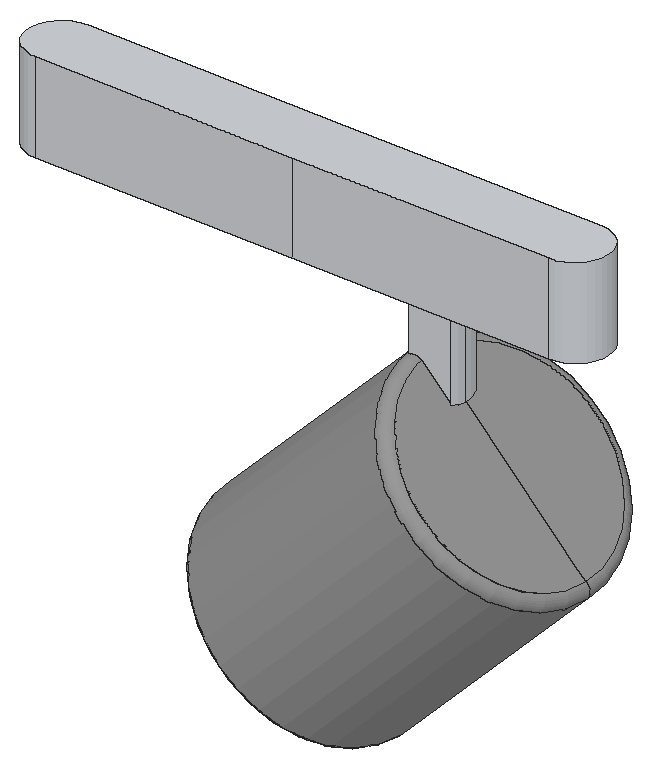
Revit family "IVLB_L4U_LF_Track Spot - EDDA L", category Lighting Fixtures, Revit 2019
Family settings
  Round Connector Dimension = Use Diameter
  Part Type = Normal
  Work Plane-Based = No
  Always vertical = No
  Cut with Voids When Loaded = No
  Light Source = No
  Shared = No
  Room Calculation Point = No
Parameters (values of type "EDDA L 1600lm_930HE 12W 20deg")
  ⌂ Powered by IVLibrary = "www.ivlibrary.com"
  Wattage Comments = "14W"
  URL = "https://light4u.io/product/track-luminaires/edda-l/"
  Type Comments = "Edda"
  Track_Spot_Position_UD = 55 mm
  Track Adapter_Width = 29 mm
  Track Adapter_Length = 228 mm
  Track Adapter_Height = 30 mm
  Symbol_ToScale [instance] = not(Symbol_RealSize)  # no
  Symbol_RealSize [instance] = yes
  Switch Code [instance] = ""
  Track_Spot_Diameter = 106 mm
  Track_Spot_Length = 123 mm
  Track_Spot_Position_LR = 55 mm
  Rotation_Y-Axis [instance] = 45.00°
  Rotation_X-Axis [instance] = 0.00°
  Model = "Track Spot Edda L"
  Manufacturer = "Light4U"
  Luminaire Code = ""
  Light Source = Lightsource L : EDDA L 1600lm_930HE 12W 20deg_LDT
  Lamp = "LED"
  IfcExportType = "POINTSOURCE"
  IfcExportAs = "IfcLightFixtureType"
  Description = "Track Spot Edda L"
  built-in parameter 1140040 [instance] = 1
  Calc_Coupling_Length = Track_Spot_Position_UD  # 55 mm
  Assembly Code = "63.00"
  Article Number = ""
  Apparent Load = 14 VA
Types (13, lengths in mm): name | Light Source
  (no name) | Lightsource L : EDDA L 1600lm_930HE 12W 20deg_LDT
  EDDA L 1600lm_930HE 12W 20deg | Lightsource L : EDDA L 1600lm_930HE 12W 20deg_LDT
  EDDA L 1600lm_930HE 12W 30deg | Lightsource L : EDDA L 1600lm_930HE 12W 30deg_LDT
  EDDA L 1600lm_930HE 12W 40deg | Lightsource L : EDDA L 1600lm_930HE 12W 40deg_LDT
  EDDA L 1600lm_930HE 12W 60deg | Lightsource L : EDDA L 1600lm_930HE 12W 60deg_LDT
  EDDA L 2350lm_930HE 18.5W 20deg | Lightsource L : EDDA L 2350lm_930HE 18.5W 20deg_LDT
  EDDA L 2350lm_930HE 18.5W 30deg | Lightsource L : EDDA L 2350lm_930HE 18.5W 30deg_LDT
  EDDA L 2350lm_930HE 18.5W 40deg | Lightsource L : EDDA L 2350lm_930HE 18.5W 40deg_LDT
  EDDA L 2350lm_930HE 18.5W 60deg | Lightsource L : EDDA L 2350lm_930HE 18.5W 60deg_LDT
  EDDA L 3050lm_930HE 24W 20deg | Lightsource L : EDDA L 3050lm_930HE 24W 20deg_LDT
  EDDA L 3050lm_930HE 24W 30deg | Lightsource L : EDDA L 3050lm_930HE 24W 30deg_LDT
  EDDA L 3050lm_930HE 24W 40deg | Lightsource L : EDDA L 3050lm_930HE 24W 40deg_LDT
  EDDA L 3050lm_930HE 24W 60deg | Lightsource L : EDDA L 3050lm_930HE 24W 60deg_LDT
Reference planes
  plane 1 "Center (Front/Back)": y = 0
  plane 2: z = 0
  plane 3 "Center (Left/Right)": x = 0
  plane 4: x = 0.044
Forms (mm)
  Extrusion 1, solid
    sketch origin (0, 0, 0) x (1, 0, 0) y (0, 1, 0)
      loop
        line (0, 14.5) -> (-113.956, 14.5)
        arc (-113.956, 14.5) -> (-128.456, 0) -> (-113.956, -14.5) r 14.5
        line (-113.956, -14.5) -> (0, -14.5) -> (114.044, -14.5)
        arc (114.044, -14.5) -> (128.544, 0) -> (114.044, 14.5) r 14.5
        line (114.044, 14.5) -> (0, 14.5)
    from -10 to 30
Lines and regions (mm)
  symbolic lines, visible <- "Symbol_RealSize"
    curve 1: circle (55.044, 0, 0) r 42.5 normal (0, 0, 1)
Dimensions and locks
  equal spacing: Extrusion 1 sketch curve, plane 1 "Center (Front/Back)", Extrusion 1 sketch curve
  "Track Adapter_Width": Extrusion 1 sketch curve to Extrusion 1 sketch curve
  "Track Adapter_Length": Extrusion 1 sketch curve to Extrusion 1 sketch curve
  equal spacing: Extrusion 1 sketch curve, plane 4, Extrusion 1 sketch curve
  locked: level to Extrusion 1 at 10
  "Track Adapter_Height": Extrusion 1 to level
  "Track_Spot_Position_LR": nested 2 to plane 3 "Center (Left/Right)"
  "Track_Spot_Position_LR": plane 3 "Center (Left/Right)" to nested 1
  "Track_Spot_Position_LR": plane 4 to curve 1
  "Track_Spot_Position_LR": plane 4 to nested 3
  aligned and locked: level to plane 2
  aligned and locked: level to nested 1
  aligned and locked: nested 1 to nested 2
Automatic sketch dimensions
  plane 1 "Center (Front/Back)" to curve 1 = 0 mm
  Extrusion 1 sketch curve to plane 3 "Center (Left/Right)" = 0 mm  (x2)
  radius of curve 1 = 42.5 mm
Nested families
  nested 1: "Track_360_Rotation" at (55, -0.071, 0) x (-1, 0, 0) z (0, 0, 1), Coupling_Length <- "Track_Spot_Position_UD", type "LightLine_Spot_Coupling_Rotation"
    with Coupling_Length 55 mm
  nested 2: "Track_Spot_Aim L" at (55, -0.071, -55), Length <- "Track_Spot_Length", Width <- "Track_Spot_Diameter", Rotation_Spot <- "Rotation_Y-Axis", type "Track Spot Geometry"
    with Width 106 mm, Rotation_Spot 45.00°, Rotation point no, Rotaion_Max 45.00°, Length 123 mm, Calc_Length 103 mm
  nested 3: "Ø85 Symbol" at (55.044, 0, 0) x (0, 1, 0) z (0, 0, 1), visible <- "Symbol_ToScale", type "Ø85 Symbol"
    with Orientation Arrow no
  nested 4: "Lightsource L" at (12.005, 0.012, -142.81) x (0, 1, 0) z (0.7071, 0, 0.7071), type <- "Light Source", type "EDDA L 1600lm_930HE 12W 20deg_LDT"
Connectors
  electrical at (0, 0, 0), driven by "Apparent Load"
    settings: index 1, voltage 230 V, apparent load 0 VA, apparent load phase1 14 VA, apparent load phase2 0 VA, apparent load phase3 0 VA, power factor 1, load classification "Other", number of poles 1, system type 31, power factor state 1, is connector primary yes, connector utility no, sub classification motor no, connector description ""
Definition of nested family "Track_360_Rotation"
  Parameters (values of type "LightLine_Spot_Coupling_Rotation")
    Rotation_Coupling = 0.00°
    Coupling_Length [instance] = 30.686 mm
  Reference planes
    plane 1 "Center (Front/Back)": y = 0
    plane 2: z = 0
    plane 3 "Center (Left/Right)": x = 0
  Lines and regions (mm)
    reference lines
      curve 1: line (0, 0, 1060) -> (205, 0, 1060)
      curve 2: line (0, 0, 0) -> (0, 0, -30.686)
  Dimensions and locks
    "Rotation_Coupling": angle plane 1 "Center (Front/Back)" to curve 1
    aligned and locked: level to plane 2
    aligned and locked: plane 3 "Center (Left/Right)" to curve 1
    aligned and locked: plane 1 "Center (Front/Back)" to curve 1
  Automatic sketch dimensions
    curve 2 to plane 3 "Center (Left/Right)" = 0 mm
    curve 2 to level = 0 mm
    curve 2 to level = 30.686 mm
  Nested families
    nested 1: "LightLine_Spot_Coupling" at (0, 0, 0) x (0, -1, 0) z (0, 0, 1), Coupling length <- "Coupling_Length", type "LightLine_Spot_Coupling"
  Definition of nested family "LightLine_Spot_Coupling"
    Parameters (values of type "LightLine_Spot_Coupling")
      Default Elevation = 1219.2 mm
      Coupling length [instance] = 30.686 mm
    Reference planes
      plane 1 "Center (Front/Back)": y = 0
      plane 2: z = 0
      plane 3 "Center (Left/Right)": x = 0
    Forms (mm)
      Extrusion 1, solid
        sketch origin (0, -9.419, 0) x (1, 0, 0) y (0, 1, 0)
          loop
            arc (0, 20) -> (-3.473, 19.696) -> (-6.84, 18.794) r 20
            line (-6.84, 18.794) -> (-6.84, -0.044)
            arc (-6.84, -0.044) -> (-3.473, -0.946) -> (0, -1.25) r 20
            arc (0, -1.25) -> (3.473, -0.946) -> (6.84, -0.044) r 20
            line (6.84, -0.044) -> (6.84, 18.794)
            arc (6.84, 18.794) -> (3.473, 19.696) -> (0, 20) r 20
        from -30.686 to 0
    Dimensions and locks
      "Coupling length": Extrusion 1 to level
      aligned and locked: level to plane 2
      aligned and locked: level to Extrusion 1
    Automatic sketch dimensions
      Extrusion 1 sketch curve to Extrusion 1 sketch curve = 0 mm  (x4)
      Extrusion 1 sketch curve to plane 3 "Center (Left/Right)" = 0 mm  (x2)
      Extrusion 1 sketch curve to plane 3 "Center (Left/Right)" = 6.84 mm
      plane 3 "Center (Left/Right)" to Extrusion 1 sketch curve = 6.84 mm
      plane 1 "Center (Front/Back)" to Extrusion 1 sketch curve = 9.463 mm
      Extrusion 1 sketch curve to Extrusion 1 sketch curve = 0.044 mm  (x2)
      Extrusion 1 sketch curve to plane 1 "Center (Front/Back)" = 9.331 mm
Definition of nested family "Track_Spot_Aim L"
  Parameters (values of type "EDDA S 1450lm_930 14W 24deg")
    Width [instance] = 85 mm
    Rotation_Spot [instance] = 45.00°
    Rotation point [instance] = yes
    Rotaion_Max [instance] = if(Rotation_Spot < 0.00°, 0.00°, if(Rotation_Spot > 90.00°, 90.00°, Rotation_Spot))  # 45.00°
    Length [instance] = 104 mm
    Default Elevation = 1219.2 mm
    Calc_Length [instance] = Length - 20 mm  # 84 mm
  Types (8): name
    EDDA S 1450lm_930 14W 15deg
    EDDA S 1450lm_930 14W 24deg
    EDDA S 1450lm_930 14W 45deg
    EDDA S 1450lm_930 14W 55deg
    EDDA S 2000lm_930 18.5W 15deg
    EDDA S 2000lm_930 18.5W 24deg
    EDDA S 2000lm_930 18.5W 45deg
    EDDA S 2000lm_930 18.5W 55deg
  Reference planes
    plane 1 "Center (Front/Back)": y = 0
    plane 2: z = 0
    plane 3 "Center (Left/Right)": x = 0
  Lines and regions (mm)
    reference lines
      curve 1: line (0, 0, 0) -> (28.284, 0, 28.284)
    model lines, visible <- "Rotation point"
      curve 2: circle (0, 0, 0) r 1.09 normal (0, -1, 0)
  Dimensions and locks
    "Rotaion_Max": angle curve 1 to plane 3 "Center (Left/Right)"
    aligned and locked: level to plane 2
    aligned and locked: plane 2 to curve 1
    aligned and locked: plane 3 "Center (Left/Right)" to curve 1
  Automatic sketch dimensions
    curve 2 to level = 0 mm
    curve 2 to plane 3 "Center (Left/Right)" = 0 mm
    radius of curve 2 = 1.09 mm
  Nested families
    nested 1: "Track Spot" at (30.005, 0, -14.497) x (0.7071, 0, -0.7071) z (0.7071, 0, 0.7071), Length <- "Length", Width <- "Width", type "Track Spot"
      with Width 85 mm, Length 104 mm, Calc_Width 42.5 mm, Calc_LED 81.802 mm, Calc_Arc_Reflector 22.198 mm, Calc_Arc 22.998 mm
  Definition of nested family "Track Spot"
    Parameters (values of type "Track Spot")
      Calc_LED [instance] = Length - Calc_Arc_Reflector  # 81.802 mm
      Calc_Arc_Reflector [instance] = Calc_Arc - 0.8 mm  # 22.198 mm
      Calc_Arc [instance] = 22.998 mm
      Width [instance] = 85 mm
      Material_Reflector = none
      Material_Profile = none
      Length [instance] = 104 mm
      Default Elevation = 1219.2 mm
      Calc_Width [instance] = Width / 2  # 42.5 mm
    Reference planes
      plane 1 "Center (Front/Back)": y = 0
      plane 2: z = 0
      plane 3 "Center (Left/Right)": x = 0
      plane 4: z = -104
      plane 5: x = 42.5
      plane 6: x = 42.5
      plane 7: x = -42.5
      plane 8: x = 41.019
      plane 9: z = -104
    Forms (mm)
      Revolve 1, solid, material <- "Material_Profile"
        sketch origin (0, 0, 0) x (1, 0, 0) y (0, 0, 1)
          loop
            arc (42.5, -5) -> (41.036, -1.464) -> (37.5, 0) r 5
            line (37.5, 0) -> (0, 0) -> (0, -81.002)
            arc (0, -81.002) -> (23.28, -86.803) -> (41.116, -102.849) r 49.614
            arc (41.116, -102.849) -> (41.541, -103.97) -> (42.5, -103.25) r 0.75
            line (42.5, -103.25) -> (42.5, -5)
          axis (0, 0) -> (0, -103.25)
        angle from 0 to 360
      Revolve 2, solid, material <- "Material_Reflector"
        sketch origin (0, 0, 0) x (1, 0, 0) y (0, 0, 1)
          loop
            arc (0, -81.802) -> (23.32, -87.708) -> (41.019, -104) r 48.998
            line (41.019, -104) -> (41.655, -103.515)
            arc (41.655, -103.515) -> (23.674, -86.992) -> (0, -81.004) r 49.796
            line (0, -81.004) -> (0, -81.802)
          axis (0, -81.004) -> (0, -104)
        angle from 0 to 360
      Revolve 3, solid
        sketch origin (0, 0, 0) x (1, 0, 0) y (0, 0, 1)
          loop
            line (-10, -84.302) -> (0, -84.302) -> (0, -81.802) -> (-10, -81.802) -> (-10, -84.302)
          axis (0, -81.802) -> (0, -84.302)
        angle from 0 to 360
    Lines and regions (mm)
      reference lines
        curve 1: line (70, 0, 0) -> (-80, 0, 0)
        curve 2: line (34.256, 0, -11.177) -> (29.256, 0, -11.177)
        curve 3: line (31.756, 0, -8.808) -> (31.756, 0, -13.808)
        curve 6: line (-34.256, 0, -11.177) -> (-29.256, 0, -11.177)
        curve 7: line (-31.756, 0, -8.808) -> (-31.756, 0, -13.808)
        curve 8: circle (31.756, 0, -11.177) r 2.5 normal (0, -1, 0)
        curve 10: circle (-31.756, 0, -11.177) r 2.5 normal (0, 1, 0)
      reference lines, not visible
        curve 4: line (38.256, 0, -5.177) -> (33.256, 0, -5.177)
        curve 5: line (35.756, 0, -2.808) -> (35.756, 0, -7.808)
        curve 9: circle (35.756, 0, -5.177) r 2.5 normal (0, -1, 0)
    Dimensions and locks
      "Calc_Width": plane 3 "Center (Left/Right)" to plane 5
      "Length": level to plane 4
      locked: Revolve 1 sketch curve to Revolve 1 sketch curve at 1.441
      equal spacing: plane 6, plane 3 "Center (Left/Right)", plane 7
      "Calc_Width": plane 6 to plane 3 "Center (Left/Right)"
      locked: plane 8 to plane 6 at 1.481
      "Length": level to Revolve 2 sketch curve
      locked: Revolve 2 sketch curve to Revolve 2 sketch curve at 0.8
      "Calc_Arc": Revolve 1 sketch curve to plane 4
      "Length": level to plane 9
      locked: Revolve 2 sketch curve to Revolve 2 sketch curve at 0.798
      "Calc_Arc_Reflector": Revolve 2 sketch curve to plane 9
      locked: curve 3 to plane 6 at 10.744
      locked: level to curve 2 at 11.177
      locked: curve 7 to plane 7 at 10.744
      locked: level to curve 6 at 11.177
      plane 3 "Center (Left/Right)" to Revolve 3 sketch curve = 10 mm
      locked: Revolve 3 sketch curve to Revolve 3 sketch curve at 2.5
      "Calc_LED": plane 2 to Revolve 3 sketch curve
      aligned and locked: level to plane 2
      aligned and locked: level to Revolve 1 sketch curve
      aligned and locked: Revolve 1 sketch curve to plane 5
      aligned and locked: plane 8 to Revolve 2 sketch curve
    Automatic sketch dimensions
      curve 1 to level = 0 mm
      plane 7 to curve 1 = 37.5 mm
      plane 6 to curve 1 = 27.5 mm
      Revolve 1 sketch curve to plane 3 "Center (Left/Right)" = 0 mm  (x2)
      Revolve 1 sketch curve to plane 5 = 5 mm
      Revolve 1 sketch curve to plane 5 = 0.75 mm
      plane 4 to Revolve 1 sketch curve = 0.75 mm
      Revolve 1 sketch curve to Revolve 1 sketch curve = 170.397 mm
      level to Revolve 1 sketch curve = 2214.315 mm
      Revolve 2 sketch curve to Revolve 2 sketch curve = 0 mm  (x2)
      Revolve 2 sketch curve to plane 3 "Center (Left/Right)" = 0 mm  (x2)
      Revolve 2 sketch curve to Revolve 2 sketch curve = 236.408 mm
      level to Revolve 2 sketch curve = 2214.315 mm
      Revolve 3 sketch curve to plane 3 "Center (Left/Right)" = 0 mm  (x2)
      Revolve 3 sketch curve to plane 3 "Center (Left/Right)" = 10 mm
      Revolve 3 sketch curve to Revolve 3 sketch curve = 285.03 mm
      level to Revolve 3 sketch curve = 2214.315 mm
      radius of curve 8 = 2.5 mm
      radius of curve 9 = 2.5 mm
      radius of curve 10 = 2.5 mm
Definition of nested family "Ø85 Symbol"
  Parameters (values of type "Ø85 Symbol")
    Orientation Arrow [instance] = no
  Reference planes
    plane 1: y = 0
    plane 2: x = 0
  Lines and regions (mm)
    detail lines
      curve 1: circle (0, 0, 0) r 0.425 normal (0, 0, 1)
    detail lines, visible <- "Orientation Arrow"
      curve 2: line (0, 0.593, 0) -> (0, 1.193, 0)
      curve 3: line (0, 1.193, 0) -> (-0.112, 1.027, 0)
      curve 4: line (0, 1.193, 0) -> (0.112, 1.027, 0)
    reference lines
      curve 5: line (0, 0, 0) -> (0, -1.011, 0)
Definition of nested family "Lightsource L"
  Parameters (values of type "EDDA L 1600lm_930HE 12W 20deg_LDT")
    Wattage Comments = "12 W"
    Wattage = 9.2903 W
    built-in parameter 1150110 = 1 (stored number, unit not read)
    built-in parameter 1114217 = 1 (stored number, unit not read)
    Tilt Angle = 90.00°
    built-in parameter 1150109 = 1 (stored number, unit not read)
    built-in parameter 1150134 = 12
    built-in parameter 1150113 = 1 (stored number, unit not read)
    Reference Line [instance] = yes
    Photometric Web File = "EDDA L 1600lm_930HE 12W 20deg_LDT.ies"
    built-in parameter 1150105 = 109.82 (stored number, unit not read)
    Lumens = 1600 lm
    built-in parameter 1150115 = 1 (stored number, unit not read)
    built-in parameter 1150137 = (empty or 0)
    built-in parameter 1150139 = (empty or 0)
    built-in parameter 1150112 = 1 (stored number, unit not read)
    built-in parameter 1150114 = 1 (stored number, unit not read)
    built-in parameter 1150132 = 2
    built-in parameter 1150102 = (empty or 0)
    built-in parameter 1150107 = 4000 (stored number, unit not read)
    built-in parameter 1150138 = (empty or 0)
    built-in parameter 1150106 = 1.0982 (stored number, unit not read)
    built-in parameter 1150104 = 13.8 (stored number, unit not read)
    Dimming Lamp Color Temperature Shift = (empty or 0)
    Default Elevation = 1219.2 mm
    Color Filter = 16777215
    built-in parameter 1114218 = 1 (stored number, unit not read)
    built-in parameter 1150133 = 10 (stored number, unit not read)
    Apparent Load = 12 VA
  Types (12, lengths in mm): name | Wattage Comments | Photometric Web File | Lumens | Apparent Load
    EDDA L 1600lm_930HE 12W 20deg_LDT | "12 W" | "EDDA L 1600lm_930HE 12W 20deg_LDT.ies" | 1600 lm | 12 VA
    EDDA L 1600lm_930HE 12W 30deg_LDT | "12 W" | "EDDA L 1600lm_930HE 12W 30deg_LDT.ies" | 1600 lm | 12 VA
    EDDA L 1600lm_930HE 12W 40deg_LDT | "12 W" | "EDDA L 1600lm_930HE 12W 40deg_LDT.ies" | 1600 lm | 12 VA
    EDDA L 1600lm_930HE 12W 60deg_LDT | "12 W" | "EDDA L 1600lm_930HE 12W 60deg_LDT.ies" | 1600 lm | 12 VA
    EDDA L 2350lm_930HE 18.5W 20deg_LDT | "18 W" | "EDDA L 2350lm_930HE 18.5W 20deg_LDT.ies" | 2350 lm | 18 VA
    EDDA L 2350lm_930HE 18.5W 30deg_LDT | "18 W" | "EDDA L 2350lm_930HE 18.5W 30deg_LDT.ies" | 2350 lm | 18 VA
    EDDA L 2350lm_930HE 18.5W 40deg_LDT | "18 W" | "EDDA L 2350lm_930HE 18.5W 40deg_LDT.ies" | 2350 lm | 18 VA
    EDDA L 2350lm_930HE 18.5W 60deg_LDT | "18 W" | "EDDA L 2350lm_930HE 18.5W 60deg_LDT.ies" | 2350 lm | 18 VA
    EDDA L 3050lm_930HE 24W 20deg_LDT | "24 W" | "EDDA L 3050lm_930HE 24W 20deg_LDT.ies" | 3050 lm | 24 VA
    EDDA L 3050lm_930HE 24W 30deg_LDT | "24 W" | "EDDA L 3050lm_930HE 24W 30deg_LDT.ies" | 3050 lm | 24 VA
    EDDA L 3050lm_930HE 24W 40deg_LDT | "24 W" | "EDDA L 3050lm_930HE 24W 40deg_LDT.ies" | 3050 lm | 24 VA
    EDDA L 3050lm_930HE 24W 60deg_LDT | "24 W" | "EDDA L 3050lm_930HE 24W 60deg_LDT.ies" | 3050 lm | 24 VA
  Reference planes
    plane 1 "Center (Front/Back)": y = 0
    plane 2: z = 0
    plane 3 "Center (Left/Right)": x = 0
  Lines and regions (mm)
    reference lines
      curve 1: line (-60, 0, 0) -> (60, 0, 0)
      curve 2: line (0, 0, 0) -> (0, 0, -80)
  Dimensions and locks
    aligned and locked: level to plane 2
